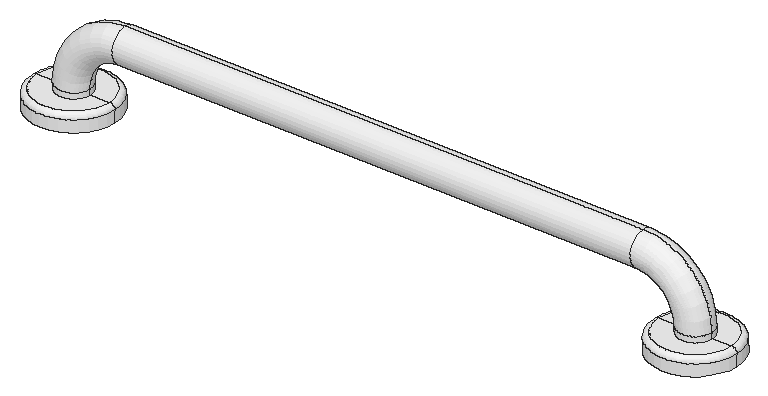
Revit family "Home collection grab rail - straight 600mm-687372W", category Specialty Equipment, host Face, Revit 2015
Parameters (values of type "Home collection grab rail - straight 600mm White")
  URL = "https://www.caroma.com.au/"
  Rail_Width = 600 mm
  Rail_Offset = 71 mm
  Model = "687372W"
  Material_Rail = GWA-Metal-White
  Manufacturer = "GWA Bathrooms & Kitchens"  # constant formula
  Description = "Home collection grab rail - straight 600mm White"
  Default Elevation = 900 mm
  CreatedBy_ANZRS = "GWA Bathrooms & Kitchens"  # constant formula
  Assembly Code = "C1030200"
Types (9, lengths in mm): name | Rail_Width | Rail_Offset | Model | Material_Rail | Description
  (no name) | 600 | 71 | "687372W" | GWA-Metal-White | "Home collection grab rail - straight 600mm White"
  Home collection grab rail - straight 300mm Chrome | 300 | 76 | "687370C" | GWA_Metal-Chrome | "Home collection grab rail - straight 300mm Chrome"
  Home collection grab rail - straight 300mm White | 300 | 76 | "687370W" | GWA-Metal-White | "Home collection grab rail - straight 300mm White"
  Home collection grab rail - straight 450mm Chrome | 450 | 76 | "687371C" | GWA_Metal-Chrome | "Home collection grab rail - straight 450mm Chrome"
  Home collection grab rail - straight 450mm White | 450 | 76 | "687371W" | GWA-Metal-White | "Home collection grab rail - straight 450mm White"
  Home collection grab rail - straight 600mm Chrome | 600 | 71 | "687372C" | GWA_Metal-Chrome | "Home collection grab rail - straight 600mm Chrome"
  Home collection grab rail - straight 600mm White | 600 | 71 | "687372W" | GWA-Metal-White | "Home collection grab rail - straight 600mm White"
  Home collection grab rail - straight 900mm Chrome | 900 | 71 | "687373C" | GWA_Metal-Chrome | "Home collection grab rail - straight 900mm Chrome"
  Home collection grab rail - straight 900mm White | 900 | 71 | "687373W" | GWA-Metal-White | "Home collection grab rail - straight 900mm White"
Reference planes
  plane 1 "Center (Front/Back)": y = 0
  plane 2: z = 0
  plane 3 "Center (Left/Right)": x = 0
  plane 4 "Left": x = -300
  plane 5 "Right": x = 300
  plane 6: z = 71
Forms (mm)
  Sweep 1, solid, material "GWA-Metal-White" <- "Material_Rail"
    path origin (0, 0, 56.664) x (1, 0, 0) y (0, 0, 1)
      loop
        line (-300, -56.664) -> (-300, -35.664)
        arc (-300, -35.664) -> (-285.355, -0.309) -> (-250, 14.336) r 50
        line (-250, 14.336) -> (250, 14.336)
        arc (250, 14.336) -> (285.355, -0.309) -> (300, -35.664) r 50
        line (300, -35.664) -> (300, -56.664)
    profile origin (-300, 0, 10.5) x (-1, 0, 0) y (0, -1, 0)
      loop
        circle (0, 0) r 16
  Revolve 2, solid, material "GWA-Metal-White" <- "Material_Rail"
    sketch origin (0, 0, 0) x (1, 0, 0) y (0, 0, 1)
      loop
        line (-300, 0) -> (-260, 0) -> (-260, 11)
        arc (-260, 11) -> (-261.464, 14.536) -> (-265, 16) r 5
        line (-265, 16) -> (-300, 16) -> (-300, 0)
      axis (-300, 16) -> (-300, 0)
    angle from 0 to 360
  Revolve 3, solid, material "GWA-Metal-White" <- "Material_Rail"
    sketch origin (0, 0, 0) x (1, 0, 0) y (0, 0, 1)
      loop
        line (300, 0) -> (340, 0) -> (340, 11)
        arc (340, 11) -> (338.536, 14.536) -> (335, 16) r 5
        line (335, 16) -> (300, 16) -> (300, 0)
      axis (300, 16) -> (300, 0)
    angle from 0 to 360
Lines and regions (mm)
  Masking region 1
    outline origin (0, 0, 0) x (1, 0, 0) y (0, 1, 0)
      loop
        arc (-263.339, 16) -> (-340, 0) -> (-263.339, -16) r 40
        line (-263.339, -16) -> (263.339, -16)
        arc (263.339, -16) -> (340, 0) -> (263.339, 16) r 40
        line (263.339, 16) -> (-263.339, 16)
  Masking region 2
    outline origin (0, 0, 0) x (1, 0, 0) y (0, 0, 1)
      loop
        line (-260, 0) -> (-260, 11)
        arc (-260, 11) -> (-261.464, 14.536) -> (-265, 16) r 5
        line (-265, 16) -> (-284, 16) -> (-284, 21)
        arc (-284, 21) -> (-274.042, 45.042) -> (-250, 55) r 34
        line (-250, 55) -> (250, 55)
        arc (250, 55) -> (274.042, 45.042) -> (284, 21) r 34
        line (284, 21) -> (284, 16) -> (265, 16)
        arc (265, 16) -> (261.464, 14.536) -> (260, 11) r 5
        line (260, 11) -> (260, 0) -> (340, 0) -> (340, 11)
        arc (340, 11) -> (338.536, 14.536) -> (335, 16) r 5
        line (335, 16) -> (316, 16) -> (316, 21)
        arc (316, 21) -> (296.669, 67.669) -> (250, 87) r 66
        line (250, 87) -> (-250, 87)
        arc (-250, 87) -> (-296.669, 67.669) -> (-316, 21) r 66
        line (-316, 21) -> (-316, 16) -> (-335, 16)
        arc (-335, 16) -> (-338.536, 14.536) -> (-340, 11) r 5
        line (-340, 11) -> (-340, 0) -> (-260, 0)
  Masking region 3
    outline origin (0, 0, 0) x (0, 1, 0) y (0, 0, 1)
      loop
        line (-40, 0) -> (40, 0) -> (40, 11)
        arc (40, 11) -> (38.536, 14.536) -> (35, 16) r 5
        line (35, 16) -> (16, 16) -> (16, 71)
        arc (16, 71) -> (0, 87) -> (-16, 71) r 16
        line (-16, 71) -> (-16, 16) -> (-35, 16)
        arc (-35, 16) -> (-38.536, 14.536) -> (-40, 11) r 5
        line (-40, 11) -> (-40, 0)
  symbolic lines
    curve 1: arc (-300, 16, 0) -> (-316, 0, 0) -> (-300, -16, 0) r 16
    curve 2: arc (300, 16, 0) -> (316, 0, 0) -> (300, -16, 0) r 16
    curve 3: arc (263.339, 16, 0) -> (340, 0, 0) -> (263.339, -16, 0) r 40
    curve 4: arc (-263.339, -16, 0) -> (-340, 0, 0) -> (-263.339, 16, 0) r 40
    curve 5: line (-300, 16, 0) -> (300, 16, 0)
    curve 6: line (300, -16, 0) -> (-300, -16, 0)
    curve 7: line (-300, 0, 0) -> (-340, 0, 0)
    curve 8: line (-340, 0, 0) -> (-340, 0, 11)
    curve 9: line (-260, 0, 0) -> (-260, 0, 11)
    curve 10: line (-265, 0, 16) -> (-335, 0, 16)
    curve 11: arc (-335, 0, 16) -> (-338.536, 0, 14.536) -> (-340, 0, 11) r 5
    curve 12: arc (-265, 0, 16) -> (-261.464, 0, 14.536) -> (-260, 0, 11) r 5
    curve 13: line (-284, 0, 16) -> (-284, 0, 21)
    curve 14: line (-316, 0, 16) -> (-316, 0, 21)
    curve 15: line (340, 0, 0) -> (340, 0, 11)
    curve 16: line (335, 0, 16) -> (265, 0, 16)
    curve 17: line (260, 0, 11) -> (260, 0, 0)
    curve 18: line (260, 0, 0) -> (340, 0, 0)
    curve 19: line (284, 0, 16) -> (284, 0, 21)
    curve 20: line (316, 0, 16) -> (316, 0, 21)
    curve 21: line (250, 0, 87) -> (-250, 0, 87)
    curve 22: line (250, 0, 55) -> (-250, 0, 55)
    curve 23: arc (-284, 0, 21) -> (-274.042, 0, 45.042) -> (-250, 0, 55) r 34
    curve 24: arc (250, 0, 55) -> (274.042, 0, 45.042) -> (284, 0, 21) r 34
    curve 25: arc (-316, 0, 21) -> (-296.669, 0, 67.669) -> (-250, 0, 87) r 66
    curve 26: arc (250, 0, 87) -> (296.669, 0, 67.669) -> (316, 0, 21) r 66
    curve 27: arc (260, 0, 11) -> (261.464, 0, 14.536) -> (265, 0, 16) r 5
    curve 28: arc (335, 0, 16) -> (338.536, 0, 14.536) -> (340, 0, 11) r 5
    curve 29: line (0, -40, 0) -> (0, -40, 11)
    curve 30: line (0, -35, 16) -> (0, 35, 16)
    curve 31: line (0, 40, 11) -> (0, 40, 0)
    curve 32: line (0, 40, 0) -> (0, -40, 0)
    curve 33: line (0, -16, 16) -> (0, -16, 71)
    curve 34: line (0, 16, 16) -> (0, 16, 71)
    curve 35: arc (0, -40, 11) -> (0, -38.536, 14.536) -> (0, -35, 16) r 5
    curve 36: arc (0, 35, 16) -> (0, 38.536, 14.536) -> (0, 40, 11) r 5
    curve 37: arc (0, -16, 71) -> (0, 0, 87) -> (0, 16, 71) r 16
Dimensions and locks
  "Rail_Width": plane 4 "Left" to plane 5 "Right"
  equal spacing: plane 4 "Left", plane 3 "Center (Left/Right)", plane 5 "Right"
  "Rail_Offset": level to plane 6
  curve 21 to plane 6 = 16 mm
  curve 16 to curve 18 = 16 mm
  radius of Sweep 1 sketch curve = 50 mm  (x2)
  aligned and locked: plane 2 to host face
  aligned and locked: level to host face
  aligned and locked: Revolve 3 to Sweep 1 sketch curve
  aligned and locked: Sweep 1 sketch curve to curve 7
Automatic sketch dimensions
  host sketch curve to host sketch curve = 1402.285 mm
  host sketch curve to host sketch curve = 393.94 mm
  plane 1 "Center (Front/Back)" to Sweep 1 sketch curve = 0 mm
  Sweep 1 sketch curve to profile plane = 0 mm
  Revolve 2 sketch curve to level = 0 mm
  Revolve 2 sketch curve to plane 4 "Left" = 0 mm  (x2)
  level to Revolve 2 sketch curve = 11 mm
  plane 4 "Left" to Revolve 2 sketch curve = 35 mm
  Revolve 2 sketch curve to Revolve 2 sketch curve = 5 mm
  Revolve 2 sketch curve to Revolve 2 sketch curve = 12.981 mm
  Revolve 2 sketch curve to Revolve 2 sketch curve = 10 mm
  Revolve 3 sketch curve to level = 0 mm
  Revolve 3 sketch curve to plane 5 "Right" = 0 mm  (x2)
  level to Revolve 3 sketch curve = 11 mm
  plane 5 "Right" to Revolve 3 sketch curve = 35 mm
  Revolve 3 sketch curve to Revolve 3 sketch curve = 5 mm
  Revolve 3 sketch curve to Revolve 3 sketch curve = 20 mm
  Revolve 3 sketch curve to Revolve 3 sketch curve = 45 mm
  plane 1 "Center (Front/Back)" to Masking region 1 sketch curve = 0 mm  (x2)
  Masking region 1 sketch curve to plane 4 "Left" = 0 mm
  Masking region 1 sketch curve to plane 5 "Right" = 0 mm
  Masking region 1 sketch curve to plane 1 "Center (Front/Back)" = 16 mm
  plane 4 "Left" to Masking region 1 sketch curve = 36.661 mm
  Masking region 1 sketch curve to plane 5 "Right" = 36.661 mm
  plane 1 "Center (Front/Back)" to Masking region 1 sketch curve = 16 mm
  curve 23 to curve 25 = 0 mm  (x2)
  curve 24 to curve 26 = 0 mm  (x2)
  curve 7 to level = 0 mm
  curve 7 to plane 4 "Left" = 0 mm
  curve 9 to level = 0 mm
  curve 17 to level = 0 mm
  level to curve 11 = 11 mm
  curve 11 to curve 14 = 19 mm
  curve 8 to curve 11 = 5 mm
  plane 4 "Left" to curve 13 = 16 mm
  curve 13 to curve 12 = 19 mm
  curve 12 to curve 9 = 5 mm
  curve 12 to curve 25 = 10 mm
  curve 26 to curve 17 = 10 mm
  curve 17 to curve 27 = 5 mm
  curve 19 to plane 5 "Right" = 16 mm
  curve 20 to curve 28 = 19 mm
  curve 28 to curve 18 = 5 mm
  Sweep 1 sketch curve to plane 4 "Left" = 0 mm
  Sweep 1 sketch curve to plane 5 "Right" = 0 mm
  plane 6 to Sweep 1 sketch curve = 0 mm
  curve 24 to curve 19 = 34 mm
  curve 14 to plane 4 "Left" = 16 mm
  Masking region 2 sketch curve to Masking region 2 sketch curve = 0 mm  (x4)
  Masking region 2 sketch curve to level = 0 mm  (x2)
  Masking region 2 sketch curve to plane 4 "Left" = 40 mm
  Masking region 2 sketch curve to Masking region 2 sketch curve = 5 mm  (x4)
  Masking region 2 sketch curve to plane 4 "Left" = 16 mm
  plane 4 "Left" to Masking region 2 sketch curve = 16 mm
  Masking region 2 sketch curve to Masking region 2 sketch curve = 19 mm  (x2)
  Masking region 2 sketch curve to plane 6 = 16 mm
  Masking region 2 sketch curve to Masking region 2 sketch curve = 34 mm
  Masking region 2 sketch curve to plane 5 "Right" = 50 mm
  Masking region 2 sketch curve to plane 5 "Right" = 40 mm
  Masking region 2 sketch curve to plane 5 "Right" = 16 mm
  level to Masking region 2 sketch curve = 11 mm  (x4)
  curve 29 to level = 0 mm
  curve 37 to plane 6 = 0 mm
  curve 37 to plane 1 "Center (Front/Back)" = 0 mm
  level to curve 35 = 11 mm
  plane 1 "Center (Front/Back)" to curve 35 = 35 mm
  curve 32 to curve 35 = 5 mm
  level to curve 36 = 11 mm
  curve 36 to plane 1 "Center (Front/Back)" = 35 mm
  plane 1 "Center (Front/Back)" to curve 33 = 16 mm
  Masking region 3 sketch curve to level = 0 mm
  Masking region 3 sketch curve to plane 6 = 0 mm
  Masking region 3 sketch curve to plane 1 "Center (Front/Back)" = 0 mm
  plane 1 "Center (Front/Back)" to Masking region 3 sketch curve = 16 mm
  level to Masking region 3 sketch curve = 11 mm  (x2)
  Masking region 3 sketch curve to Masking region 3 sketch curve = 19 mm  (x2)
  Masking region 3 sketch curve to Masking region 3 sketch curve = 5 mm  (x2)
  curve 1 to curve 4 = 0 mm  (x2)
  curve 2 to curve 3 = 0 mm  (x2)
  plane 1 "Center (Front/Back)" to curve 1 = 0 mm
  curve 1 to plane 4 "Left" = 0 mm
  curve 2 to plane 5 "Right" = 0 mm
  plane 4 "Left" to curve 4 = 36.661 mm
  curve 3 to curve 2 = 36.661 mm
  curve 3 to plane 1 "Center (Front/Back)" = 16 mm
  radius of Sweep 1 sketch curve = 16 mm
